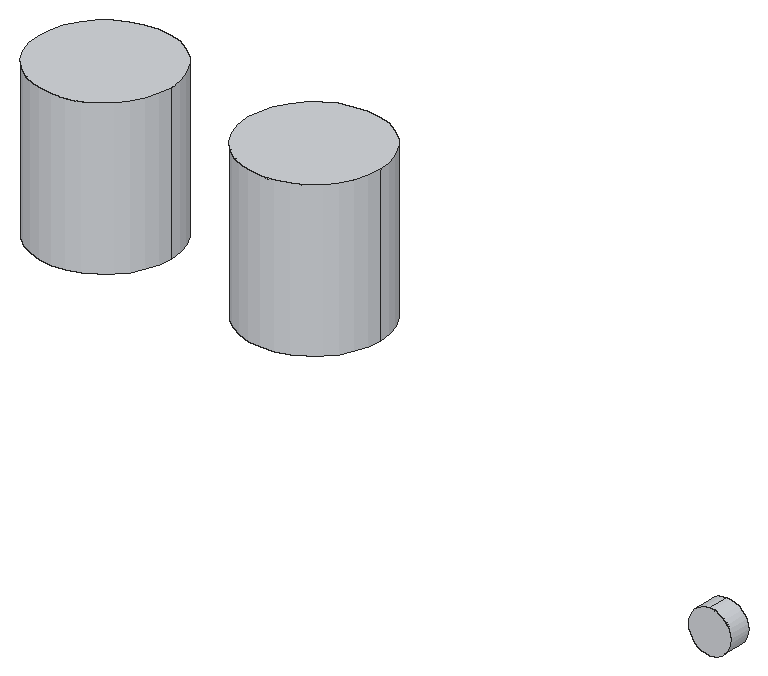
Revit family "M6_001_BIM", category HLS-Bauteile, Revit 2018
Family settings
  Bemaßung runder Anschluss = Durchmesser verwenden
  Klassifizierung = Keine
  Teiletyp = Normal
  OmniClass-Nummer = 23.65.35.11.14
  OmniClass-Titel = Instantaneous Water Heaters
  Arbeitsebenenbasiert = Nein
  Immer vertikal = Ja
  Beim Laden mit Abzugskörper schneiden = Nein
  Gemeinsam genutzt = Nein
  Raumberechnungspunkt = Nein
Parameters (values of type "Norm")
  Verbindung_2_Durchmesser = 0 mm
  Verbindung_1_Durchmesser = 0 mm
  URL = "https://www.clage.de/de/Produkte/E-Kleindurchlauferhitzer/MBH"
  Modell = "MBH"
  Hersteller = "Clage GmbH"
  Beschreibung = "E-Kleindurchlauferhitzer"
Reference planes
  plane 1 "Mitte (Vorne/Hinten)": y = 0
  plane 2: z = 0
  plane 3 "Mitte (Links/Rechts)": x = 0
Forms (mm)
  Extrusion 1, solid
    sketch origin (-15, -7.5, 86.997) x (1, 0, 0) y (0, 1, 0)
      loop
        circle (0, 0) r 9.525
    from 0 to -22.053
  Extrusion 2, solid
    sketch origin (15, -7.5, 86.997) x (1, 0, 0) y (0, 1, 0)
      loop
        circle (0, 0) r 9.525
    from 0 to -22.053
  Extrusion 3, solid
    sketch origin (63.017, 6.6, 36.189) x (0, 0, 1) y (1, 0, 0)
      loop
        circle (0, 0) r 3.048
    from 0 to -3.048
Dimensions and locks
  aligned and locked: level to plane 2
Connectors
  piping at (-15, -7.5, 86.997), diameter 9.5
    settings: on Extrusion 1, index 1, connector inside diameter 609.6 mm, connector length 0 mm, flow factor 0, pipe flow 3.3 L/s, pressure drop 119000.0 Pa, fitting loss kfactor 0, connector angle 0.00°, fixture units 0, engagement length 0 mm, angle of deflection 0.00°, flow configuration 1, flow direction 1, fitting loss method 4, system type 20, joint type 0, gender type 0, connector reference index -1, connector utility 0, adjustable connector no, is connector primary yes, connector description ""
  piping at (15, -7.5, 86.997), diameter 9.5
    settings: on Extrusion 2, index 2, connector inside diameter 609.6 mm, connector length 0 mm, flow factor 0, pipe flow 3.3 L/s, pressure drop 119000.0 Pa, fitting loss kfactor 0, connector angle 0.00°, fixture units 0, engagement length 0 mm, angle of deflection 0.00°, flow configuration 1, flow direction 2, fitting loss method 4, system type 19, joint type 0, gender type 0, connector reference index -1, connector utility 0, adjustable connector no, is connector primary no, connector description ""
  electrical at (63.017, 6.6, 36.189)
    settings: on Extrusion 3, index 3, voltage 230 V, apparent load 0 VA, apparent load phase1 0 VA, apparent load phase2 0 VA, apparent load phase3 0 VA, power factor 0, load classification "Sonstige", number of poles 1, system type 30, power factor state 1, is connector primary yes, connector utility no, sub classification motor no, connector description ""
